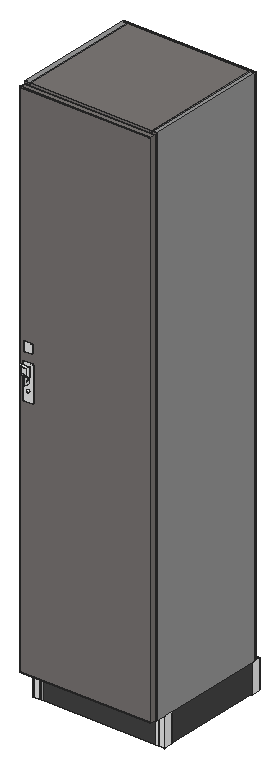
Revit family "Wood_Lockers_Hasps-Salsbury_Industries-18_41000_Series-1_Wide_Units.rfa", category Specialty Equipment, Revit 2016 (continued)
Definition of nested family "Premier Locker Doors_Hasp"
  Forms (in)
    Sweep 4, solid, material <- "Door Trim"
      path origin (0, 0, 0) x (1, 0, 0) y (0, 0, 1)
        loop
          line (8.8125, 71.625) -> (-8.8125, 71.625) -> (-8.8125, 0.125) -> (8.8125, 0.125) -> (8.8125, 71.625)
      profile origin (0, 0, 71.625) x (0, 0, -1) y (0, -1, 0)
        loop
          line (-0.125, 0.375) -> (-0.125, -0.375) -> (-0.094, -0.375) -> (-0.094, 0.375) -> (-0.125, 0.375)
    Extrusion 5, void
      sketch origin (-1.875, -0.313, 0) x (1, 0, 0) y (0, 0, 1)
        loop
          arc (-6.41334, 40.75) -> (-6.51881, 40.70631) -> (-6.5625, 40.60084) r 0.14916
          line (-6.5625, 40.60084) -> (-6.5625, 39.64916)
          arc (-6.5625, 39.64916) -> (-6.51881, 39.54369) -> (-6.41334, 39.5) r 0.14916
          line (-6.41334, 39.5) -> (-5.46166, 39.5)
          arc (-5.46166, 39.5) -> (-5.35619, 39.54369) -> (-5.3125, 39.64916) r 0.14916
          line (-5.3125, 39.64916) -> (-5.3125, 40.60084)
          arc (-5.3125, 40.60084) -> (-5.35619, 40.70631) -> (-5.46166, 40.75) r 0.14916
          line (-5.46166, 40.75) -> (-6.41334, 40.75)
      from 0 to 0.062
    Extrusion 6, solid, visible <- "Visible Number Plates", detail levels medium+fine
      sketch origin (-1.875, -0.375, 0) x (1, 0, 0) y (0, 0, 1)
        loop
          arc (-6.41334, 40.75) -> (-6.51881, 40.70631) -> (-6.5625, 40.60084) r 0.14916
          line (-6.5625, 40.60084) -> (-6.5625, 39.64916)
          arc (-6.5625, 39.64916) -> (-6.51881, 39.54369) -> (-6.41334, 39.5) r 0.14916
          line (-6.41334, 39.5) -> (-5.46166, 39.5)
          arc (-5.46166, 39.5) -> (-5.35619, 39.54369) -> (-5.3125, 39.64916) r 0.14916
          line (-5.3125, 39.64916) -> (-5.3125, 40.60084)
          arc (-5.3125, 40.60084) -> (-5.35619, 40.70631) -> (-5.46166, 40.75) r 0.14916
          line (-5.46166, 40.75) -> (-6.41334, 40.75)
      from -0.062 to 0
    Extrusion 7, solid, detail levels medium+fine
      sketch origin (0, 0.375, 0) x (1, 0, 0) y (0, 0, 1)
        loop
          circle (-8.4875, 71.3) r 0.25
      from 0 to -0.25
    Extrusion 8, solid, detail levels medium+fine
      sketch origin (0, 0.375, 0) x (1, 0, 0) y (0, 0, 1)
        loop
          line (8.3125, 68.5) -> (8.3125, 69) -> (7.8125, 69) -> (7.8125, 68.5) -> (8.3125, 68.5)
      from 0 to -0.25
    Extrusion 9, solid, detail levels medium+fine
      sketch origin (0, 0.375, -0.25) x (1, 0, 0) y (0, 0, 1)
        loop
          line (8.3125, 3) -> (8.3125, 3.5) -> (7.8125, 3.5) -> (7.8125, 3) -> (8.3125, 3)
      from 0 to -0.25
    Extrusion 10, solid, visible <- "Visible Center Hinge", detail levels medium+fine
      sketch origin (0, 0.375, -0.25) x (1, 0, 0) y (0, 0, 1)
        loop
          line (8.3125, 35.875) -> (8.3125, 36.375) -> (7.8125, 36.375) -> (7.8125, 35.875) -> (8.3125, 35.875)
      from 0 to -0.25
    Extrusion 11, void
      sketch origin (-1.875, -0.375, 0) x (1, 0, 0) y (0, 0, 1)
        loop
          arc (-6.5625, 38.3125) -> (-6.65089, 38.27589) -> (-6.6875, 38.1875) r 0.125
          line (-6.6875, 38.1875) -> (-6.6875, 33.5625)
          arc (-6.6875, 33.5625) -> (-6.65089, 33.47411) -> (-6.5625, 33.4375) r 0.125
          line (-6.5625, 33.4375) -> (-5.3125, 33.4375)
          arc (-5.3125, 33.4375) -> (-5.22411, 33.47411) -> (-5.1875, 33.5625) r 0.125
          line (-5.1875, 33.5625) -> (-5.1875, 38.1875)
          arc (-5.1875, 38.1875) -> (-5.22411, 38.27589) -> (-5.3125, 38.3125) r 0.125
          line (-5.3125, 38.3125) -> (-6.5625, 38.3125)
      from -0.062 to 0
    Extrusion 12, solid
      sketch origin (-1.875, -0.375, 0) x (1, 0, 0) y (0, 0, 1)
        loop
          line (-5.3125, 38.3125) -> (-6.5625, 38.3125)
          arc (-6.5625, 38.3125) -> (-6.65089, 38.27589) -> (-6.6875, 38.1875) r 0.125
          line (-6.6875, 38.1875) -> (-6.6875, 33.5625)
          arc (-6.6875, 33.5625) -> (-6.65089, 33.47411) -> (-6.5625, 33.4375) r 0.125
          line (-6.5625, 33.4375) -> (-5.3125, 33.4375)
          arc (-5.3125, 33.4375) -> (-5.22411, 33.47411) -> (-5.1875, 33.5625) r 0.125
          line (-5.1875, 33.5625) -> (-5.1875, 38.1875)
          arc (-5.1875, 38.1875) -> (-5.22411, 38.27589) -> (-5.3125, 38.3125) r 0.125
      from 0 to -0.062
    Extrusion 13, void
      sketch origin (-1.875, -0.375, 0) x (1, 0, 0) y (0, 0, 1)
        loop
          line (-6.1255, 36.6245) -> (-6.1255, 35.74816)
          arc (-6.1255, 35.74816) -> (-5.9375, 35.56016) -> (-5.7495, 35.74816) r 0.188
          line (-5.7495, 35.74816) -> (-5.7495, 36.6245)
          arc (-5.7495, 36.6245) -> (-5.9375, 36.8125) -> (-6.1255, 36.6245) r 0.188
      from 0 to -0.75
    Sweep 14, solid, detail levels medium+fine
      path origin (-1.875, -0.375, 0) x (1, 0, 0) y (0, 0, 1)
        loop
          circle (-5.9375, 34.8125) r 0.01
      profile origin (-7.8125, -0.375, 34.8225) x (0, 0, -1) y (0, -1, 0)
        loop
          line (0, 0) -> (0, 0.125)
          arc (0, 0.125) -> (-0.10032, 0.09036) -> (-0.156, 0) r 0.15776
          line (-0.156, 0) -> (0, 0)
    Extrusion 15, solid, detail levels medium+fine
      sketch origin (-1.875, -0.375, 0) x (1, 0, 0) y (0, 0, 1)
        loop
          circle (-5.9375, 34.8125) r 0.01
      from 0 to 0.125
    Sweep 16, solid
      path origin (-1.875, -0.375, 0) x (1, 0, 0) y (0, 0, 1)
        loop
          line (-6.5625, 38.1875) -> (-6.5625, 36.9375) -> (-5.3125, 36.9375) -> (-5.3125, 38.1875) -> (-6.5625, 38.1875)
      profile origin (-7.8125, -0.375, 38.1875) x (0, 0, 1) y (0, -1, 0)
        loop
          line (-0.38067, 0) -> (-0.38067, 0.24142)
          arc (-0.38067, 0.24142) -> (-0.34525, 0.34191) -> (-0.25465, 0.39797) r 0.16024
          arc (-0.25465, 0.39797) -> (-0.10494, 0.46941) -> (0, 0.59789) r 0.37946
          spline (0, 0.59789) -> (-0.00179, 0.61485) -> (-0.00715, 0.6316) -> (-0.01601, 0.64793) -> (-0.02825, 0.66364) -> (-0.04373, 0.67852) -> (-0.06225, 0.6924) -> (-0.08358, 0.7051) -> (-0.10745, 0.71647) -> (-0.13357, 0.72635) -> (-0.16161, 0.73463) -> (-0.19123, 0.74121) -> (-0.22204, 0.746)
          arc (-0.22204, 0.746) -> (-0.31051, 0.60028) -> (-0.42829, 0.47704) r 0.78682
          arc (-0.42829, 0.47704) -> (-0.50625, 0.37521) -> (-0.53396, 0.25) r 0.29673
          line (-0.53396, 0.25) -> (-0.53396, 0) -> (-0.38067, 0)
    Blend 17, solid
      base sketch origin (-1.875, -1.125, 0) x (0, 0, -1) y (-1, 0, 0)
        loop
          line (-37.96546, 6.34046) -> (-37.96546, 5.53454) -> (-37.15954, 5.53454) -> (-37.15954, 6.34046) -> (-37.96546, 6.34046)
      top sketch origin (-1.875, -1.125, 0) x (0, 0, -1) y (-1, 0, 0)
        loop
          line (-37.93279, 6.30777) -> (-37.93279, 5.56715) -> (-37.19211, 5.56715) -> (-37.19211, 6.30777) -> (-37.93279, 6.30777)
      from 0 to 0.031
    Extrusion 18, solid
      sketch origin (-7.8125, 0, 0) x (0, 0, -1) y (0, -1, 0)
        loop
          line (-35.6844, 1) -> (-36.6844, 1) -> (-36.6844, -0.375) -> (-35.6844, -0.375) -> (-35.6844, 1)
      from -0.063 to 0.063
    Extrusion 19, void
      sketch origin (-7.8125, 35.51803, 36.85077) x (0, 1, 0) y (0, 0, -1)
        loop
          circle (-36.1844, 0.66637) r 0.25
      from -0.063 to 0.063
  Cuts and joins
    Extrusion 5, Extrusion 13 cuts Extrusion 1
    Extrusion 5, Extrusion 11 cuts Extrusion 3
    Extrusion 13 cuts Extrusion 12
    Extrusion 13 cuts Extrusion 2
    Extrusion 19 cuts Extrusion 18
  Lines and regions (in)
    symbolic lines
      curve 1: line (-8.9375, 0.375, 0) -> (8.9375, 0.375, 0)
      curve 2: line (8.9375, 0.375, 0) -> (8.9375, 0.375, 71.75)
      curve 3: line (8.9375, 0.375, 71.75) -> (-8.9375, 0.375, 71.75)
      curve 4: line (-8.9375, 0.375, 71.75) -> (-8.9375, 0.375, 0)
      curve 5: line (-8.9375, 0.375, 71.625) -> (8.9375, 0.375, 71.625)
      curve 6: line (-8.9375, -0.375, 71.625) -> (-8.9375, 0.375, 71.625)
      curve 7: line (8.9375, -0.375, 71.625) -> (-8.9375, -0.375, 71.625)
      curve 8: line (8.9375, 0.375, 71.625) -> (8.9375, -0.375, 71.625)
      curve 9: line (8.3125, 0.375, 71.625) -> (8.3125, 0.625, 71.625)
      curve 10: line (8.3125, 0.625, 71.625) -> (7.8125, 0.625, 71.625)
      curve 11: line (7.8125, 0.625, 71.625) -> (7.8125, 0.375, 71.625)
      curve 12: line (-8.73713, 0.375, 71.625) -> (-8.73713, 0.625, 71.625)
      curve 13: line (-8.2375, 0.375, 71.625) -> (-8.2375, 0.625, 71.625)
      curve 14: line (-8.2375, 0.625, 71.625) -> (-8.73713, 0.625, 71.625)
      curve 15: line (-7.8125, -0.375, 71.75) -> (-7.8125, 0.375, 71.75)
      curve 16: line (-7.8125, -0.375, 0) -> (-7.8125, -0.375, 71.75)
      curve 17: line (-7.8125, 0.375, 0) -> (-7.8125, -0.375, 0)
      curve 18: line (-7.8125, 0.375, 71.75) -> (-7.8125, 0.375, 0)
      curve 19: line (-7.8125, 0.375, 69) -> (-7.8125, 0.625, 69)
      curve 20: line (-7.8125, 0.625, 69) -> (-7.8125, 0.625, 68.5)
      curve 21: line (-7.8125, 0.625, 68.5) -> (-7.8125, 0.375, 68.5)
      curve 22: line (-7.8125, 0.375, 3.25) -> (-7.8125, 0.625, 3.25)
      curve 23: line (-7.8125, 0.625, 3.25) -> (-7.8125, 0.625, 2.75)
      curve 24: line (-7.8125, 0.625, 2.75) -> (-7.8125, 0.375, 2.75)
      curve 25: line (-7.8125, 0.375, 36.125) -> (-7.8125, 0.625, 36.125)
      curve 26: line (-7.8125, 0.625, 36.125) -> (-7.8125, 0.625, 35.625)
      curve 27: line (-7.8125, 0.625, 35.625) -> (-7.8125, 0.375, 35.625)
      curve 28: line (-8.5625, -0.375, 71.625) -> (-7.0625, -0.375, 71.625)
      curve 29: line (-8.4375, -1.125, 38.3125) -> (-7.1875, -1.125, 38.3125)
      curve 30: arc (-7.0625, -1.125, 38.1875) -> (-7.09911, -1.125, 38.27589) -> (-7.1875, -1.125, 38.3125) r 0.125
      curve 31: arc (-8.4375, -1.125, 38.3125) -> (-8.52589, -1.125, 38.27589) -> (-8.5625, -1.125, 38.1875) r 0.125
      curve 32: line (-8.5625, -1.125, 33.5625) -> (-8.5625, -1.125, 38.1875)
      curve 33: line (-7.0625, -1.125, 38.1875) -> (-7.0625, -1.125, 33.5625)
      curve 34: arc (-7.1875, -1.125, 33.4375) -> (-7.09911, -1.125, 33.47411) -> (-7.0625, -1.125, 33.5625) r 0.125
      curve 35: arc (-8.5625, -1.125, 33.5625) -> (-8.52589, -1.125, 33.47411) -> (-8.4375, -1.125, 33.4375) r 0.125
      curve 36: line (-7.1875, -1.125, 33.4375) -> (-8.4375, -1.125, 33.4375)
      curve 37: arc (-7.6245, -1.125, 36.6245) -> (-7.8125, -1.125, 36.8125) -> (-8.0005, -1.125, 36.6245) r 0.188
      curve 38: arc (-8.0005, -1.125, 35.7505) -> (-7.8125, -1.125, 35.5625) -> (-7.6245, -1.125, 35.7505) r 0.188
      curve 39: line (-7.6245, -1.125, 36.6245) -> (-7.6245, -1.125, 35.7505)
      curve 40: line (-8.0005, -1.125, 35.7505) -> (-8.0005, -1.125, 36.6245)
      curve 41: line (-7.1875, -1.125, 36.9375) -> (-8.4375, -1.125, 36.9375)
      curve 42: line (-7.1875, -1.125, 38.1875) -> (-7.1875, -1.125, 36.9375)
      curve 43: line (-8.4375, -1.125, 36.9375) -> (-8.4375, -1.125, 38.1875)
      curve 44: line (-8.4375, -1.125, 38.1875) -> (-7.1875, -1.125, 38.1875)
      curve 45: line (-7.8755, -1.125, 36.6844) -> (-7.7495, -1.125, 36.6844)
      curve 46: line (-7.7495, -1.125, 36.6844) -> (-7.7495, -1.125, 35.6844)
      curve 47: line (-7.8755, -1.125, 35.6844) -> (-7.8755, -1.125, 36.6844)
      curve 48: line (-7.7495, -1.125, 35.6844) -> (-7.8755, -1.125, 35.6844)
      curve 49: line (-7.8125, -1, 36.6844) -> (-7.8125, -0.375, 36.6844)
      curve 50: line (-7.8125, -1, 35.6844) -> (-7.8125, -1, 36.6844)
      curve 51: line (-7.8125, -0.375, 35.6844) -> (-7.8125, -1, 35.6844)
      curve 52: arc (-7.8125, -0.91637, 36.1844) -> (-7.8125, -0.66637, 36.4344) -> (-7.8125, -0.41637, 36.1844) r 0.25
      curve 53: arc (-7.8125, -0.41637, 36.1844) -> (-7.8125, -0.66637, 35.9344) -> (-7.8125, -0.91637, 36.1844) r 0.25
      curve 54: line (-7.8125, -0.375, 37.31817) -> (-7.8125, -0.61642, 37.31817)
      curve 55: arc (-7.8125, -0.77297, 37.19215) -> (-7.8125, -0.71691, 37.28275) -> (-7.8125, -0.61642, 37.31817) r 0.16024
      curve 56: arc (-7.8125, -0.97289, 36.9375) -> (-7.8125, -0.84441, 37.04244) -> (-7.8125, -0.77297, 37.19215) r 0.37946
      curve 57: spline (-7.8125, -1.121, 37.15954) -> (-7.8125, -1.11621, 37.12873) -> (-7.8125, -1.10963, 37.09911) -> (-7.8125, -1.10135, 37.07107) -> (-7.8125, -1.09147, 37.04495) -> (-7.8125, -1.0801, 37.02108) -> (-7.8125, -1.0674, 36.99975) -> (-7.8125, -1.05352, 36.98123) -> (-7.8125, -1.03864, 36.96575) -> (-7.8125, -1.02293, 36.95351) -> (-7.8125, -1.0066, 36.94465) -> (-7.8125, -0.98985, 36.93929) -> (-7.8125, -0.97289, 36.9375)
      curve 58: line (-7.8125, -1.125, 37.15954) -> (-7.8125, -1.125, 37.96546)
      curve 59: spline (-7.8125, -1.121, 37.96546) -> (-7.8125, -1.11621, 37.99627) -> (-7.8125, -1.10963, 38.02589) -> (-7.8125, -1.10135, 38.05393) -> (-7.8125, -1.09147, 38.08005) -> (-7.8125, -1.0801, 38.10392) -> (-7.8125, -1.0674, 38.12525) -> (-7.8125, -1.05352, 38.14377) -> (-7.8125, -1.03864, 38.15925) -> (-7.8125, -1.02293, 38.17149) -> (-7.8125, -1.0066, 38.18035) -> (-7.8125, -0.98985, 38.18571) -> (-7.8125, -0.97289, 38.1875)
      curve 60: arc (-7.8125, -0.97289, 38.1875) -> (-7.8125, -0.84441, 38.08256) -> (-7.8125, -0.77297, 37.93285) r 0.37946
      curve 61: arc (-7.8125, -0.77297, 37.93285) -> (-7.8125, -0.71691, 37.84225) -> (-7.8125, -0.61642, 37.80683) r 0.16024
      curve 62: line (-7.8125, -0.61642, 37.80683) -> (-7.8125, -0.375, 37.80683)
      curve 63: line (-8.05683, -0.61642, 71.625) -> (-8.05683, -0.375, 71.625)
      curve 64: arc (-8.18285, -0.77297, 71.625) -> (-8.09225, -0.71691, 71.625) -> (-8.05683, -0.61642, 71.625) r 0.16024
      curve 65: arc (-8.4375, -0.97289, 71.625) -> (-8.33256, -0.84441, 71.625) -> (-8.18285, -0.77297, 71.625) r 0.37946
      curve 66: line (-7.40954, -1.125, 71.625) -> (-8.21546, -1.125, 71.625)
      curve 67: spline (-7.40954, -1.121, 71.625) -> (-7.37873, -1.11621, 71.625) -> (-7.34911, -1.10963, 71.625) -> (-7.32107, -1.10135, 71.625) -> (-7.29495, -1.09147, 71.625) -> (-7.27108, -1.0801, 71.625) -> (-7.24975, -1.0674, 71.625) -> (-7.23123, -1.05352, 71.625) -> (-7.21575, -1.03864, 71.625) -> (-7.20351, -1.02293, 71.625) -> (-7.19465, -1.0066, 71.625) -> (-7.18929, -0.98985, 71.625) -> (-7.1875, -0.97289, 71.625)
      curve 68: arc (-7.1875, -0.97289, 71.625) -> (-7.29244, -0.84441, 71.625) -> (-7.44215, -0.77297, 71.625) r 0.37946
      curve 69: arc (-7.44215, -0.77297, 71.625) -> (-7.53275, -0.71691, 71.625) -> (-7.56817, -0.61642, 71.625) r 0.16024
      curve 70: line (-7.56817, -0.375, 71.625) -> (-7.56817, -0.61642, 71.625)
      curve 71: spline (-8.21546, -1.121, 71.625) -> (-8.24627, -1.11621, 71.625) -> (-8.27589, -1.10963, 71.625) -> (-8.30393, -1.10135, 71.625) -> (-8.33005, -1.09147, 71.625) -> (-8.35392, -1.0801, 71.625) -> (-8.37525, -1.0674, 71.625) -> (-8.39377, -1.05352, 71.625) -> (-8.40925, -1.03864, 71.625) -> (-8.42149, -1.02293, 71.625) -> (-8.43035, -1.0066, 71.625) -> (-8.43571, -0.98985, 71.625) -> (-8.4375, -0.97289, 71.625)
    reference lines
      curve 72: line (-8.9375, 0, 71.75) -> (8.3435, 0, 71.75)
      curve 73: line (8.3435, 0, 71.75) -> (-8.9375, 0, 71.75)
  Dimensions and locks (in)
    equal spacing: plane 4 "Left Side of Door", plane 3 "Center (Left/Right)", plane 5 "Right Side of Door"
    "Width": plane 4 "Left Side of Door" to plane 5 "Right Side of Door"
    equal spacing: plane 7 "Front of Door", plane 1 "Center (Front/Back)", plane 6 "Back of Door"
    "Depth": plane 7 "Front of Door" to plane 6 "Back of Door"
    equal spacing: plane 9 "Top of Door", plane 10 "Center of Door", plane 8 "Bottom of Door"
    "Height": plane 9 "Top of Door" to plane 8 "Bottom of Door"
    equal spacing: plane 11 "Top of Number Tag", plane 16 "Center of Number Tag", plane 12 "Bottom of Number Tag"
    "Number Tag Height": plane 11 "Top of Number Tag" to plane 12 "Bottom of Number Tag"
    equal spacing: plane 14 "Right Side of Number Tag", plane 15 "Horizontal Center of Number Tag", plane 13 "Left Side of Number Tag"
    "Number Tag Width": plane 14 "Right Side of Number Tag" to plane 13 "Left Side of Number Tag"
    "Number Tag-Horizontal Offset": plane 15 "Horizontal Center of Number Tag" to plane 5 "Right Side of Door"
    "Number Tag-Vertical Offset": plane 9 "Top of Door" to plane 16 "Center of Number Tag"
    "Lock Horizontal Offset": plane 4 "Left Side of Door" to plane 17 "Left Side of Lock"
    equal spacing: plane 20 "Top of Lock", plane 19 "Lock Vertical Center", plane 21 "Bottom of Lock"
    "Lock Height": plane 20 "Top of Lock" to plane 21 "Bottom of Lock"
    "Lock Vertical Offset": plane 9 "Top of Door" to plane 19 "Lock Vertical Center"
    plane 22 "Front of Hasp Stud" to plane 7 "Front of Door" = 0.125"
    locked: plane 24 "Right Side of Door-Left Side of Trim" to plane 5 "Right Side of Door" at 0.125
    locked: plane 4 "Left Side of Door" to plane 23 "Left Side of Door-Right Side of Trim" at 0.125
    locked: plane 9 "Top of Door" to plane 25 "Top of Door-Bottom of Trim" at 0.125
    plane 26 "Bottom of Door-Top of Trim" to plane 8 "Bottom of Door" = 0.125"
    plane 28 "Melamine-Particleboard Line" to plane 6 "Back of Door" = 0.031"
    plane 7 "Front of Door" to plane 27 "Laminate-Particleboard Line" = 0.031"
    plane 27 "Laminate-Particleboard Line" to plane 29 "Back of Number Plate Inset" = 0.031"
    equal spacing: plane 18 "Right Side of Lock", plane 30 "Center of Lock", plane 17 "Left Side of Lock", locked at 0.75 each
    "Lock Width": plane 18 "Right Side of Lock" to plane 17 "Left Side of Lock"
    plane 22 "Front of Hasp Stud" to plane 31 = 0.312"
    plane 6 "Back of Door" to plane 32 "Door Stopper Plane" = 0.250"
    locked: plane 23 "Left Side of Door-Right Side of Trim" to plane 33 at 0.325
    locked: plane 25 "Top of Door-Bottom of Trim" to plane 34 at 0.325
    locked: plane 9 "Top of Door" to plane 35 "Top Hinge" at 3
    plane 36 to plane 5 "Right Side of Door" = 0.625"
    plane 6 "Back of Door" to plane 28 "Melamine-Particleboard Line" = 0.031"
    plane 9 "Top of Door" to plane 25 "Top of Door-Bottom of Trim" = 0.125"
    plane 7 "Front of Door" to plane 38 "Inner Knob" = 0.719"
    locked: plane 38 "Inner Knob" to plane 39 "Front of Knob" at 0.031
    locked: plane 40 to plane 20 "Top of Lock" at 1.125
    locked: plane 21 "Bottom of Lock" to plane 41 at 1.125
    locked: plane 20 "Top of Lock" to plane 42 at 0.125
    locked: plane 18 "Right Side of Lock" to plane 43 at 0.125
    locked: plane 44 to plane 17 "Left Side of Lock" at 0.125
    plane 42 to plane 45 = 1.250"
    locked: plane 45 to plane 46 "Top of Hole" at 0.125
    plane 48 to plane 30 "Center of Lock" to plane 47 = 0.188" locked, 0.188" locked
    locked: plane 46 "Top of Hole" to plane 49 "Bottom of Hole" at 1.25
    plane 49 "Bottom of Hole" to plane 50 "Stud Alignment" = 0.750"
    locked: plane 42 to plane 51 "Center of Handle" at 0.625
    plane 52 to plane 51 "Center of Handle" to plane 53 = 0.188" locked, 0.188" locked
    plane 7 "Front of Door" to plane 39 "Front of Knob" = 0.750"
    locked: plane 42 to plane 54 at 0.22204
    locked: plane 55 to plane 45 at 0.22204
    locked: plane 7 "Front of Door" to plane 56 "Front of Latch" at 0.625
    locked: plane 57 to plane 58 at 1
    locked: plane 46 "Top of Hole" to plane 57 at 0.1281
    equal spacing: plane 58, plane 59, plane 57
    locked: plane 60 to plane 5 "Right Side of Door" at 0.594
    locked: plane 57 to plane 61 at 0.0599
    locked: plane 62 to plane 58 at 0.06376
    plane 12 "Bottom of Number Tag" to plane 20 "Top of Lock" = 1.1875"
    aligned and locked: level to plane 2
    aligned and locked: Extrusion 5 to plane 11 "Top of Number Tag"
    aligned and locked: plane 12 "Bottom of Number Tag" to Extrusion 5
    aligned and locked: Extrusion 5 to plane 14 "Right Side of Number Tag"
    aligned and locked: Extrusion 5 to plane 13 "Left Side of Number Tag"
    aligned and locked: plane 29 "Back of Number Plate Inset" to Extrusion 5
    aligned and locked: plane 7 "Front of Door" to Extrusion 5
    aligned and locked: plane 29 "Back of Number Plate Inset" to Extrusion 6
    aligned and locked: plane 7 "Front of Door" to Extrusion 6
    aligned and locked: Extrusion 6 to plane 14 "Right Side of Number Tag"
    aligned and locked: Extrusion 6 to plane 13 "Left Side of Number Tag"
    aligned and locked: Extrusion 6 to plane 11 "Top of Number Tag"
    aligned and locked: plane 12 "Bottom of Number Tag" to Extrusion 6
    aligned and locked: curve 9 to Extrusion 8
    aligned and locked: curve 10 to Extrusion 8
    aligned and locked: curve 11 to Extrusion 8
    aligned and locked: Extrusion 7 to curve 12
    aligned and locked: curve 14 to Extrusion 7
    aligned and locked: curve 16 to plane 7 "Front of Door"
    aligned and locked: curve 19 to Extrusion 8  (x2)
    aligned and locked: curve 21 to Extrusion 8
    aligned and locked: curve 18 to curve 22
    aligned and locked: curve 22 to Extrusion 9  (x2)
    aligned and locked: curve 24 to Extrusion 9
    aligned and locked: curve 25 to Extrusion 10
    aligned and locked: curve 26 to Extrusion 10
    aligned and locked: curve 27 to Extrusion 10
    aligned and locked: plane 20 "Top of Lock" to Extrusion 11 sketch curve
    aligned and locked: Extrusion 11 sketch curve to plane 21 "Bottom of Lock"
    aligned and locked: Extrusion 11 to plane 29 "Back of Number Plate Inset"
    aligned and locked: plane 7 "Front of Door" to Extrusion 11
    aligned and locked: Extrusion 3 to Extrusion 11
    aligned and locked: Sweep 14 to plane 50 "Stud Alignment"  (x2)
    aligned and locked: Extrusion 15 to plane 7 "Front of Door"
    aligned and locked: Extrusion 15 to plane 22 "Front of Hasp Stud"
    aligned and locked: Extrusion 15 to plane 50 "Stud Alignment"
    aligned and locked: Blend 17 to plane 39 "Front of Knob"
    aligned and locked: plane 38 "Inner Knob" to Blend 17
    aligned and locked: plane 6 "Back of Door" to Extrusion 18 sketch curve
    aligned and locked: plane 56 "Front of Latch" to Extrusion 18 sketch curve
    aligned and locked: Extrusion 18 to plane 57
    aligned and locked: plane 58 to Extrusion 18
    aligned and locked: plane 59 to cut or joined group of Extrusion 18, Extrusion 19
    aligned and locked: Extrusion 13 sketch curve to plane 61  (x2)
    aligned and locked: Extrusion 13 sketch curve to plane 62  (x2)
  Automatic sketch dimensions
    Extrusion 1 sketch curve to plane 4 "Left Side of Door" = 0.031"
    plane 5 "Right Side of Door" to Extrusion 1 sketch curve = 0.031"
    level to Extrusion 1 sketch curve = 0.031"
    plane 9 "Top of Door" to Extrusion 1 sketch curve = 0.031"
    Extrusion 2 sketch curve to plane 4 "Left Side of Door" = 0.031"
    plane 5 "Right Side of Door" to Extrusion 2 sketch curve = 0.031"
    level to Extrusion 2 sketch curve = 0.031"
    plane 9 "Top of Door" to Extrusion 2 sketch curve = 0.031"
    Extrusion 3 sketch curve to plane 4 "Left Side of Door" = 0.031"
    plane 5 "Right Side of Door" to Extrusion 3 sketch curve = 0.031"
    level to Extrusion 3 sketch curve = 0.031"
    plane 9 "Top of Door" to Extrusion 3 sketch curve = 0.031"
    plane 23 "Left Side of Door-Right Side of Trim" to Sweep 4 sketch curve = 0.000"
    plane 24 "Right Side of Door-Left Side of Trim" to Sweep 4 sketch curve = 0.000"  (x2)
    Sweep 4 sketch curve to plane 26 "Bottom of Door-Top of Trim" = 0.000"
    Sweep 4 sketch curve to plane 25 "Top of Door-Bottom of Trim" = 0.000"
    profile plane to Sweep 4 sketch curve = 0.125"
    Sweep 4 sketch curve to Sweep 4 sketch curve = 0.031"
    Sweep 4 sketch curve to plane 1 "Center (Front/Back)" = 0.375"
    plane 1 "Center (Front/Back)" to Sweep 4 sketch curve = 0.375"
    Extrusion 7 sketch curve to plane 33 = 0.000"
    Extrusion 7 sketch curve to plane 34 = 0.000"
    plane 36 to Extrusion 8 sketch curve = 0.000"
    Extrusion 8 sketch curve to Extrusion 8 sketch curve = 0.500"
    plane 35 "Top Hinge" to Extrusion 8 sketch curve = 0.250"
    Extrusion 8 sketch curve to plane 35 "Top Hinge" = 0.250"
    plane 36 to Extrusion 9 sketch curve = 0.000"
    Extrusion 9 sketch curve to Extrusion 9 sketch curve = 0.500"
    plane 37 "Bottom Hinge" to Extrusion 9 sketch curve = 0.250"
    Extrusion 9 sketch curve to plane 37 "Bottom Hinge" = 0.250"
    plane 36 to Extrusion 10 sketch curve = 0.000"
    Extrusion 10 sketch curve to Extrusion 10 sketch curve = 0.500"
    curve 4 to level = 0.000"
    plane 4 "Left Side of Door" to curve 4 = 0.000"
    plane 5 "Right Side of Door" to curve 3 = 0.000"
    curve 3 to plane 9 "Top of Door" = 0.000"
    Extrusion 5 sketch curve to plane 13 "Left Side of Number Tag" = 0.000"
    Extrusion 5 sketch curve to plane 12 "Bottom of Number Tag" = 0.000"
    Extrusion 5 sketch curve to plane 11 "Top of Number Tag" = 0.000"
    Extrusion 5 sketch curve to plane 14 "Right Side of Number Tag" = 0.000"
    Extrusion 6 sketch curve to plane 13 "Left Side of Number Tag" = 0.000"
    Extrusion 6 sketch curve to plane 12 "Bottom of Number Tag" = 0.000"
    Extrusion 6 sketch curve to plane 11 "Top of Number Tag" = 0.000"
    Extrusion 6 sketch curve to plane 14 "Right Side of Number Tag" = 0.000"
    Extrusion 11 sketch curve to plane 13 "Left Side of Number Tag" = 0.125"
    Extrusion 10 sketch curve to plane 10 "Center of Door" = 0.250"
    plane 10 "Center of Door" to Extrusion 10 sketch curve = 0.250"
    Extrusion 11 sketch curve to plane 21 "Bottom of Lock" = 0.125"
    plane 13 "Left Side of Number Tag" to Extrusion 5 sketch curve = 0.14916"
    Extrusion 5 sketch curve to Extrusion 5 sketch curve = 0.14916"  (x2)
    plane 13 "Left Side of Number Tag" to Extrusion 6 sketch curve = 0.14916"
    Extrusion 6 sketch curve to plane 12 "Bottom of Number Tag" = 0.14916"
    plane 13 "Left Side of Number Tag" to Extrusion 11 sketch curve = 0.000"  (x2)
    Extrusion 5 sketch curve to plane 12 "Bottom of Number Tag" = 0.14916"
    Extrusion 6 sketch curve to plane 14 "Right Side of Number Tag" = 0.14916"  (x2)
    plane 14 "Right Side of Number Tag" to Extrusion 11 sketch curve = 0.000"  (x2)
    Extrusion 12 sketch curve to plane 17 "Left Side of Lock" = 0.000"
    plane 13 "Left Side of Number Tag" to Extrusion 12 sketch curve = 0.000"  (x2)
    plane 14 "Right Side of Number Tag" to Extrusion 12 sketch curve = 0.000"  (x2)
    Extrusion 12 sketch curve to plane 20 "Top of Lock" = 0.000"
    Extrusion 12 sketch curve to plane 18 "Right Side of Lock" = 0.000"
    Extrusion 12 sketch curve to plane 21 "Bottom of Lock" = 0.125"
    plane 15 "Horizontal Center of Number Tag" to Sweep 14 sketch curve = 0.000"
    Sweep 14 sketch curve to plane 50 "Stud Alignment" = 0.000"
    Sweep 14 sketch curve to plane 7 "Front of Door" = 0.000"
    Sweep 14 sketch curve to profile plane = 0.000"
    profile plane to Sweep 14 sketch curve = 0.00168"
    profile plane to Sweep 14 sketch curve = 0.156"
    Sweep 14 sketch curve to plane 7 "Front of Door" = 0.03275"
    Extrusion 15 sketch curve to Extrusion 15 sketch curve = 0.000"  (x2)
    Extrusion 15 sketch curve to plane 50 "Stud Alignment" = 0.000"
    plane 15 "Horizontal Center of Number Tag" to Extrusion 15 sketch curve = 0.000"
    plane 15 "Horizontal Center of Number Tag" to Extrusion 15 sketch curve = 0.010"
    plane 13 "Left Side of Number Tag" to Sweep 16 sketch curve = 0.000"
    plane 14 "Right Side of Number Tag" to Sweep 16 sketch curve = 0.000"
    Sweep 16 sketch curve to plane 45 = 0.000"
    Sweep 16 sketch curve to plane 42 = 0.000"
    Sweep 16 sketch curve to plane 7 "Front of Door" = 0.000"
    profile plane to Sweep 16 sketch curve = 0.000"
    profile plane to Sweep 16 sketch curve = 0.22043"
    Sweep 16 sketch curve to Sweep 16 sketch curve = 0.01681"
    profile plane to Sweep 16 sketch curve = 0.33926"
    Sweep 16 sketch curve to Sweep 16 sketch curve = 0.14344"
    Sweep 16 sketch curve to Sweep 16 sketch curve = 0.15329"
    Sweep 16 sketch curve to Sweep 16 sketch curve = 0.59563"
    Sweep 16 sketch curve to Sweep 16 sketch curve = 0.24142"
    Sweep 16 sketch curve to Sweep 16 sketch curve = 0.00858"
    Sweep 16 sketch curve to Sweep 16 sketch curve = 0.51788"
    Sweep 16 sketch curve to Sweep 16 sketch curve = 0.31119"
    Sweep 16 sketch curve to Sweep 16 sketch curve = 0.11721"
    Sweep 16 sketch curve to Sweep 16 sketch curve = 0.01742"
    Sweep 16 sketch curve to Sweep 16 sketch curve = 0.06553"
    Sweep 16 sketch curve to Sweep 16 sketch curve = 0.000"
    Blend 17 sketch curve to plane 54 = 0.000"
    Blend 17 sketch curve to plane 55 = 0.000"
    Blend 17 sketch curve to plane 47 = 0.21496"
    plane 48 to Blend 17 sketch curve = 0.21496"
    plane 54 to Blend 17 sketch curve = 0.03267"
    Blend 17 sketch curve to plane 40 = 0.00461"
    Blend 17 sketch curve to plane 47 = 0.18235"
    plane 48 to Blend 17 sketch curve = 0.18227"
    Extrusion 18 sketch curve to plane 57 = 0.000"
    Extrusion 18 sketch curve to plane 58 = 0.000"
    plane 59 to Extrusion 19 sketch curve = 0.000"
    Extrusion 19 sketch curve to plane 22 "Front of Hasp Stud" = 0.16637"
    curve 29 to plane 14 "Right Side of Number Tag" = 0.000"
    curve 29 to plane 20 "Top of Lock" = 0.000"
    curve 30 to plane 18 "Right Side of Lock" = 0.000"
    curve 29 to plane 13 "Left Side of Number Tag" = 0.000"
    curve 31 to plane 42 = 0.000"
    curve 32 to plane 21 "Bottom of Lock" = 0.125"
    curve 34 to plane 14 "Right Side of Number Tag" = 0.000"
    curve 35 to plane 13 "Left Side of Number Tag" = 0.000"
    plane 15 "Horizontal Center of Number Tag" to curve 37 = 0.000"
    plane 47 to curve 37 = 0.000"
    plane 57 to curve 37 = 0.0599"
    curve 39 to plane 58 = 0.0661"
    curve 42 to plane 14 "Right Side of Number Tag" = 0.000"
    curve 41 to plane 13 "Left Side of Number Tag" = 0.000"
    curve 41 to plane 45 = 0.000"
    curve 43 to plane 42 = 0.000"
    curve 46 to plane 57 = 0.000"
    curve 46 to plane 15 "Horizontal Center of Number Tag" = 0.063"
    plane 15 "Horizontal Center of Number Tag" to curve 45 = 0.063"
    curve 47 to plane 58 = 0.000"
    curve 15 to plane 6 "Back of Door" = 0.000"
    plane 9 "Top of Door" to curve 15 = 0.000"
    plane 57 to curve 49 = 0.000"
    curve 51 to plane 56 "Front of Latch" = 0.000"
    plane 58 to curve 51 = 0.000"
    curve 17 to level = 0.000"
    plane 59 to curve 52 = 0.000"
    curve 53 to plane 22 "Front of Hasp Stud" = 0.16637"
    plane 7 "Front of Door" to curve 53 = 0.04137"
    plane 53 to curve 54 = 0.05633"
    curve 54 to plane 22 "Front of Hasp Stud" = 0.11642"
    plane 55 to curve 55 = 0.00161"
    curve 55 to plane 40 = 0.00465"
    plane 45 to curve 56 = 0.000"
    curve 56 to plane 39 "Front of Knob" = 0.01788"
    curve 56 to plane 40 = 0.08926"
    plane 55 to curve 57 = 0.000"
    curve 57 to plane 40 = 0.03757"
    plane 39 "Front of Knob" to curve 57 = 0.004"
    plane 42 to curve 60 = 0.000"
    curve 58 to plane 39 "Front of Knob" = 0.000"
    plane 54 to curve 58 = 0.000"
    plane 54 to curve 59 = 0.000"
    plane 55 to curve 58 = 0.000"
    curve 60 to plane 39 "Front of Knob" = 0.01788"
    curve 60 to plane 52 = 0.09774"
    plane 54 to curve 60 = 0.03261"
    plane 56 "Front of Latch" to curve 59 = 0.02711"
    plane 54 to curve 59 = 0.06553"
    plane 39 "Front of Knob" to curve 59 = 0.004"
    curve 61 to plane 54 = 0.00161"
    curve 61 to plane 22 "Front of Hasp Stud" = 0.11642"
    plane 6 "Back of Door" to curve 9 = 0.000"
    curve 6 to plane 4 "Left Side of Door" = 0.000"
    plane 7 "Front of Door" to curve 6 = 0.000"
    plane 7 "Front of Door" to curve 28 = 0.000"
    curve 67 to plane 14 "Right Side of Number Tag" = 0.000"
    curve 65 to plane 13 "Left Side of Number Tag" = 0.000"
    curve 66 to plane 39 "Front of Knob" = 0.000"
    curve 28 to plane 17 "Left Side of Lock" = 0.000"
    curve 28 to plane 18 "Right Side of Lock" = 0.000"
    curve 8 to plane 5 "Right Side of Door" = 0.000"
    curve 64 to plane 22 "Front of Hasp Stud" = 0.11642"
    curve 69 to plane 22 "Front of Hasp Stud" = 0.11642"
    curve 68 to plane 39 "Front of Knob" = 0.01788"
    curve 65 to plane 39 "Front of Knob" = 0.01788"
    curve 14 to plane 23 "Left Side of Door-Right Side of Trim" = 0.07537"
    plane 48 to curve 64 = 0.21657"
    plane 48 to curve 65 = 0.09774"
    plane 48 to curve 63 = 0.05633"
    curve 70 to plane 47 = 0.05633"
    curve 68 to plane 47 = 0.09774"
    curve 69 to curve 69 = 0.16024"
    curve 64 to curve 65 = 0.15655"
    curve 69 to curve 68 = 0.15655"
    plane 39 "Front of Knob" to curve 67 = 0.004"
    plane 33 to curve 14 = 0.250"
    curve 66 to curve 65 = 0.11721"
    curve 67 to plane 47 = 0.14943"
    curve 68 to curve 66 = 0.11721"
    curve 67 to curve 66 = 0.000"
    plane 39 "Front of Knob" to curve 71 = 0.004"
    curve 71 to curve 66 = 0.000"
    plane 48 to curve 71 = 0.14943"
    plane 1 "Center (Front/Back)" to curve 73 = 0.000"
    curve 73 to plane 4 "Left Side of Door" = 0.000"
    curve 73 to plane 60 = 0.000"
    plane 48 to Extrusion 13 sketch curve = 0.000"
    plane 15 "Horizontal Center of Number Tag" to Extrusion 13 sketch curve = 0.000"
    radius of Extrusion 7 sketch curve = 0.250"
    radius of Sweep 14 sketch curve = 0.010"
    radius of Extrusion 19 sketch curve = 0.250"
Definition of nested family "Wood Locker Flat Corner Fillers"
  Parameters (values of type "44437 - for 15" D Lockers")
    Width = 16.875"
    Visible = yes
    Version = "1.0 (12/15/23)"
    Type Comments = "Flat Top Corner Filler for Premier Wood Lockers"
    Model = "44437"
    Manufacturer = "Salsbury Industries"
    Laminate Surface = none
    Height = 0.750"
    Description = "For 15\" D Lockers"
    Depth = 16.875"
  Types (6): name | Width | Visible | Version | Type Comments | Model | Manufacturer | Description | Depth
    (no name) | 16.875" | yes | "1.0 (12/15/23)" | "Flat Top Corner Filler for Premier Wood Lockers" | "44437" | "Salsbury Industries" | "For 15\" D Lockers" | 16.875"
    44437 - for 15" D Lockers | 16.875" | yes | "1.0 (12/15/23)" | "Flat Top Corner Filler for Premier Wood Lockers" | "44437" | "Salsbury Industries" | "For 15\" D Lockers" | 16.875"
    None | 15.000" | no | "" | "" | "" | "" | "" | 13.250"
    44438 - for 18" D Lockers | 19.875" | yes | "1.0 (12/15/23)" | "Flat Top Corner Filler for Premier Wood Lockers" | "44438" | "Salsbury Industries" | "For 18\" D Lockers" | 19.875"
    44431 - for 21" D Lockers | 22.875" | yes | "1.0 (12/15/23)" | "Flat Top Corner Filler for Premier Wood Lockers" | "44431" | "Salsbury Industries" | "For 21\" D Lockers" | 22.875"
    44439 - for 24" D Lockers | 25.875" | yes | "1.0 (12/15/23)" | "Flat Top Corner Filler for Premier Wood Lockers" | "44439" | "Salsbury Industries" | "For 24\" D Lockers" | 25.875"
  Reference planes (in)
    plane 1 "Center (Front/Back)": y = 0
    plane 2: z = 0
    plane 3 "Center (Left/Right)": x = 0
    plane 4 "Right Side": x = 8.4375
    plane 5 "Left Side": x = -8.4375
    plane 6 "Front Side": y = -8.4375
    plane 7 "Back Side": y = 8.4375
    plane 8 "Bottom": z = 0
    plane 9 "Top Side": z = 0.75
    plane 10 "Wood - Laminate Line": z = 0.719
    plane 11: x = -5.4375
    plane 12: y = -5.4375
  Forms (in)
    Extrusion 1, solid, visible <- "Visible"
      sketch origin (0, 0, 0) x (0, -1, 0) y (1, 0, 0)
        loop
          line (-8.4375, -8.4375) -> (5.4375, -8.4375) -> (5.4375, -5.4375) -> (8.4375, -5.4375) -> (8.4375, 8.4375) -> (-8.4375, 8.4375) -> (-8.4375, -8.4375)
      from 0 to 0.719
    Extrusion 2, solid, material <- "Laminate Surface", visible <- "Visible"
      sketch origin (0, 0, 0.75) x (1, 0, 0) y (0, 1, 0)
        loop
          line (-8.4375, -5.4375) -> (-5.4375, -5.4375) -> (-5.4375, -8.4375) -> (8.4375, -8.4375) -> (8.4375, 8.4375) -> (-8.4375, 8.4375) -> (-8.4375, -5.4375)
      from -0.031 to 0
  Dimensions and locks (in)
    equal spacing: plane 6 "Front Side", plane 1 "Center (Front/Back)", plane 7 "Back Side"
    equal spacing: plane 5 "Left Side", plane 3 "Center (Left/Right)", plane 4 "Right Side"
    "Width": plane 5 "Left Side" to plane 4 "Right Side"
    "Depth": plane 6 "Front Side" to plane 7 "Back Side"
    "Height": plane 9 "Top Side" to plane 8 "Bottom"
    locked: plane 9 "Top Side" to plane 10 "Wood - Laminate Line" at 0.031
    locked: plane 6 "Front Side" to plane 12 at 3
    locked: plane 5 "Left Side" to plane 11 at 3
    plane 12 to plane 7 "Back Side" = 13.875"
    aligned and locked: level to plane 2
  Automatic sketch dimensions
    Extrusion 2 sketch curve to plane 5 "Left Side" = 0.000"
    plane 6 "Front Side" to Extrusion 2 sketch curve = 0.000"
    Extrusion 2 sketch curve to plane 11 = 0.000"
    Extrusion 2 sketch curve to plane 4 "Right Side" = 0.000"
    Extrusion 2 sketch curve to plane 12 = 0.000"
    plane 7 "Back Side" to Extrusion 2 sketch curve = 0.000"
    Extrusion 1 sketch curve to plane 5 "Left Side" = 0.000"
    plane 7 "Back Side" to Extrusion 1 sketch curve = 0.000"
    Extrusion 1 sketch curve to plane 12 = 0.000"
    Extrusion 1 sketch curve to plane 4 "Right Side" = 0.000"
    plane 6 "Front Side" to Extrusion 1 sketch curve = 0.000"
    Extrusion 1 sketch curve to plane 11 = 0.000"
Definition of nested family "Wood Locker Front Fillers"
  Parameters (values of type "44467 - 15" W for 6'H Lockers without Base")
    Width = 15.000"
    Visible Base = no
    Visible = yes
    Version = "1.0 (12/15/23)"
    Type Comments = "Front Vertical Filler for Premier Wood Lockers"
    Model = "44467"
    Manufacturer = "Salsbury Industries"
    Laminate Surface = none
    Height = 72.000"
    Description = "For 6' H Lockers"
    Depth = 0.750"
    Base Material = none
    Base Height = 0.000"
  Types (3): name | Width | Visible | Version | Type Comments | Model | Manufacturer | Description | Base Height
    None | 15.000" | no | "" | "" | "" | "" | "" | 4.000"
    44467 - 15" W for 6'H Lockers without Base | 15.000" | yes | "1.0 (12/15/23)" | "Front Vertical Filler for Premier Wood Lockers" | "44467" | "Salsbury Industries" | "For 6' H Lockers" | 0.000"
    44469 - 9" W for 6' H Lockers without Base | 9.000" | yes | "1.0 (12/15/23)" | "Front Vertical Filler for Premier Wood Lockers" | "44469" | "Salsbury Industries" | "For 6' H Lockers" | 0.000"
  Reference planes (in)
    plane 1 "Center (Front/Back)": y = 0
    plane 2: z = 0
    plane 3 "Center (Left/Right)": x = 0
    plane 4 "Back": y = 0.375
    plane 5 "Front": y = -0.375
    plane 6 "Left Side": x = -7.5
    plane 7 "Right Side": x = 7.5
    plane 8 "Bottom": z = 0
    plane 9 "Top": z = 72
    plane 10 "Center Elevation": z = 36
    plane 11 "Wood - Laminate Edge": y = -0.344
    plane 12 "Right Side of Wood": x = 7.375
    plane 13 "Left Side of Wood": x = -7.375
    plane 14 "Top of Wood": z = 71.875
    plane 15 "Bottom of Wood": z = 0.125
    plane 16 "Front of Base Filler": y = 1
  Forms (in)
    Extrusion 1, solid, visible <- "Visible"
      sketch origin (0, 0.375, 0) x (1, 0, 0) y (0, 0, 1)
        loop
          line (7.5, 72) -> (-7.5, 72) -> (-7.5, 0) -> (7.5, 0) -> (7.5, 72)
      from 0 to 0.719
    Extrusion 2, solid, material <- "Laminate Surface", visible <- "Visible"
      sketch origin (0, -0.375, 0) x (1, 0, 0) y (0, 0, 1)
        loop
          line (-7.5, 72) -> (-7.5, 0) -> (7.5, 0) -> (7.5, 72) -> (-7.5, 72)
      from -0.031 to 0
    Extrusion 3, solid, material <- "Base Material", visible <- "Visible Base"
      sketch origin (0, 0, 0) x (1, 0, 0) y (0, 1, 0)
        loop
          line (-7.5, 1.75) -> (-7.5, 0.375) -> (7.5, 0.375) -> (7.5, 1.75) -> (-7.5, 1.75)
      from 0 to 0.75
    Extrusion 4, solid, material <- "Base Material", visible <- "Visible Base"
      sketch origin (0, 0, 0) x (1, 0, 0) y (0, 1, 0)
        loop
          line (-7.5, 1.75) -> (-7.5, 1) -> (7.5, 1) -> (7.5, 1.75) -> (-7.5, 1.75)
      from 0 to -4
  Dimensions and locks (in)
    equal spacing: plane 6 "Left Side", plane 3 "Center (Left/Right)", plane 7 "Right Side"
    plane 5 "Front" to plane 1 "Center (Front/Back)" to plane 4 "Back" = 0.375", 0.375"
    "Width": plane 6 "Left Side" to plane 7 "Right Side"
    "Depth": plane 5 "Front" to plane 4 "Back"
    equal spacing: plane 9 "Top", plane 10 "Center Elevation", plane 8 "Bottom"
    locked: plane 5 "Front" to plane 11 "Wood - Laminate Edge" at 0.031
    locked: plane 15 "Bottom of Wood" to plane 8 "Bottom" at 0.125
    locked: plane 12 "Right Side of Wood" to plane 7 "Right Side" at 0.125
    locked: plane 6 "Left Side" to plane 13 "Left Side of Wood" at 0.125
    locked: plane 9 "Top" to plane 14 "Top of Wood" at 0.125
    locked: plane 5 "Front" to plane 16 "Front of Base Filler" at 1.375
    "Base Height": plane 8 "Bottom" to plane 2
    "Height": plane 9 "Top" to plane 8 "Bottom"
    aligned and locked: level to plane 2
    aligned and locked: plane 8 "Bottom" to Extrusion 1
  Automatic sketch dimensions
    plane 6 "Left Side" to Extrusion 1 sketch curve = 0.000"
    plane 7 "Right Side" to Extrusion 1 sketch curve = 0.000"
    level to Extrusion 1 sketch curve = 0.000"
    Extrusion 1 sketch curve to plane 9 "Top" = 0.000"
    plane 6 "Left Side" to Extrusion 2 sketch curve = 0.000"
    plane 7 "Right Side" to Extrusion 2 sketch curve = 0.000"
    plane 15 "Bottom of Wood" to Extrusion 2 sketch curve = 0.125"
    Extrusion 2 sketch curve to plane 9 "Top" = 0.000"
    plane 4 "Back" to Extrusion 3 sketch curve = 0.000"
    Extrusion 3 sketch curve to plane 6 "Left Side" = 0.000"
    Extrusion 3 sketch curve to plane 7 "Right Side" = 0.000"
    Extrusion 3 sketch curve to plane 16 "Front of Base Filler" = 0.750"
    Extrusion 4 sketch curve to plane 6 "Left Side" = 0.000"
    Extrusion 4 sketch curve to plane 7 "Right Side" = 0.000"
    plane 16 "Front of Base Filler" to Extrusion 4 sketch curve = 0.000"
    Extrusion 4 sketch curve to plane 16 "Front of Base Filler" = 0.750"
Definition of nested family "Wood Locker Flat In-Line Fillers"
  Parameters (values of type "44448 - 15" W for 18" D Lockers")
    Width = 15.000"
    Visible = yes
    Version = "1.0 (12/15/23)"
    Type Comments = "Flat Top In-Line Filler for Premier Wood Lockers"
    Model = "44448"
    Manufacturer = "Salsbury Industries"
    Laminate Surface = none
    Height = 0.750"
    Description = "For 18\" D Lockers"
    Depth = 16.875"
  Types (10): name | Width | Visible | Version | Type Comments | Model | Manufacturer | Description | Depth
    (no name) | 15.000" | yes | "1.0 (12/15/23)" | "Flat Top In-Line Filler for Premier Wood Lockers" | "44448" | "Salsbury Industries" | "For 18\" D Lockers" | 16.875"
    44447 - 15" W for 15" D Lockers | 15.000" | yes | "1.0 (12/15/23)" | "Flat Top In-Line Filler for Premier Wood Lockers" | "44447" | "Salsbury Industries" | "For 15\" D Lockers" | 13.875"
    44448 - 15" W for 18" D Lockers | 15.000" | yes | "1.0 (12/15/23)" | "Flat Top In-Line Filler for Premier Wood Lockers" | "44448" | "Salsbury Industries" | "For 18\" D Lockers" | 16.875"
    44441 - 15" W for 21" D Lockers | 15.000" | yes | "1.0 (12/15/23)" | "Flat Top In-Line Filler for Premier Wood Lockers" | "44441" | "Salsbury Industries" | "For 21\" D Lockers" | 19.875"
    None | 15.000" | no | "" | "" | "" | "" | "" | 13.250"
    44448 - 9" W for 18" D Lockers | 9.000" | yes | "1.0 (12/15/23)" | "Flat Top In-Line Filler for Premier Wood Lockers" | "44448" | "Salsbury Industries" | "For 18\" D Lockers" | 16.875"
    44447 - 9" W for 15" D Lockers | 9.000" | yes | "1.0 (12/15/23)" | "Flat Top In-Line Filler for Premier Wood Lockers" | "44447" | "Salsbury Industries" | "For 15\" D Lockers" | 13.875"
    44441 - 9" W for 21" D Lockers | 9.000" | yes | "1.0 (12/15/23)" | "Flat Top In-Line Filler for Premier Wood Lockers" | "44441" | "Salsbury Industries" | "For 21\" D Lockers" | 19.875"
    44449 - 15" W for 24" D Lockers | 15.000" | yes | "1.0 (12/15/23)" | "Flat Top In-Line Filler for Premier Wood Lockers" | "44449" | "Salsbury Industries" | "For 24\" D Lockers" | 22.875"
    44449 - 9" W for 24" D Lockers | 9.000" | yes | "1.0 (12/15/23)" | "Flat Top In-Line Filler for Premier Wood Lockers" | "44449" | "Salsbury Industries" | "For 24\" D Lockers" | 22.875"
  Reference planes (in)
    plane 1 "Center (Front/Back)": y = 0
    plane 2: z = 0
    plane 3 "Center (Left/Right)": x = 0
    plane 4 "Right Side": x = 7.5
    plane 5 "Left Side": x = -7.5
    plane 6 "Front Side": y = -8.4375
    plane 7 "Back Side": y = 8.4375
    plane 8 "Bottom": z = 0
    plane 9 "Top Side": z = 0.75
    plane 10 "Wood - Laminate Line": z = 0.719
  Forms (in)
    Extrusion 1, solid, visible <- "Visible"
      sketch origin (0, 0, 0) x (0, -1, 0) y (1, 0, 0)
        loop
          line (-8.4375, -7.5) -> (8.4375, -7.5) -> (8.4375, 7.5) -> (-8.4375, 7.5) -> (-8.4375, -7.5)
      from 0 to 0.719
    Extrusion 2, solid, material <- "Laminate Surface", visible <- "Visible"
      sketch origin (0, 0, 0.75) x (1, 0, 0) y (0, 1, 0)
        loop
          line (-7.5, -8.4375) -> (7.5, -8.4375) -> (7.5, 8.4375) -> (-7.5, 8.4375) -> (-7.5, -8.4375)
      from -0.031 to 0
  Dimensions and locks (in)
    equal spacing: plane 6 "Front Side", plane 1 "Center (Front/Back)", plane 7 "Back Side"
    equal spacing: plane 5 "Left Side", plane 3 "Center (Left/Right)", plane 4 "Right Side"
    "Width": plane 5 "Left Side" to plane 4 "Right Side"
    "Depth": plane 6 "Front Side" to plane 7 "Back Side"
    "Height": plane 9 "Top Side" to plane 8 "Bottom"
    locked: plane 9 "Top Side" to plane 10 "Wood - Laminate Line" at 0.031
    aligned and locked: level to plane 2
  Automatic sketch dimensions
    Extrusion 1 sketch curve to plane 4 "Right Side" = 0.000"
    plane 7 "Back Side" to Extrusion 1 sketch curve = 0.000"
    Extrusion 1 sketch curve to plane 5 "Left Side" = 0.000"
    plane 6 "Front Side" to Extrusion 1 sketch curve = 0.000"
    Extrusion 2 sketch curve to plane 5 "Left Side" = 0.000"
    plane 4 "Right Side" to Extrusion 2 sketch curve = 0.000"
    plane 6 "Front Side" to Extrusion 2 sketch curve = 0.000"
    Extrusion 2 sketch curve to plane 7 "Back Side" = 0.000"
Definition of nested family "Wood Locker Fascia Fillers"
  Parameters (values of type "44462 - for 3-Wide Units")
    Width = 36.000"
    Visible = yes
    Type Comments = "Front Fascia Filler for Premier Wood Lockers"
    Model = "44462"
    Manufacturer = "Salsbury Industries"
    Laminate Surface = none
    Height = 4.000"
    Description = "4' W for Standard Designer Lockers"
    Depth = 0.750"
  Types (4): name | Width | Visible | Type Comments | Model | Manufacturer | Description
    (no name) | 36.000" | yes | "Front Fascia Filler for Premier Wood Lockers" | "44462" | "Salsbury Industries" | "4' W for Standard Designer Lockers"
    44462 - for 1-Wide Units | 12.000" | yes | "Front Fascia Filler for Premier Wood Lockers" | "44462" | "Salsbury Industries" | "4' W for Standard Designer Lockers"
    None | 12.000" | no | "" | "" | "" | ""
    44462 - for 3-Wide Units | 36.000" | yes | "Front Fascia Filler for Premier Wood Lockers" | "44462" | "Salsbury Industries" | "4' W for Standard Designer Lockers"
  Reference planes (in)
    plane 1 "Center (Front/Back)": y = 0
    plane 2: z = 0
    plane 3 "Center (Left/Right)": x = 0
    plane 4 "Back": y = 0.375
    plane 5 "Front": y = -0.375
    plane 6 "Left Side": x = -18
    plane 7 "Right Side": x = 18
    plane 8 "Bottom": z = 0
    plane 9 "Top": z = 4
    plane 10 "Center Elevation": z = 2
    plane 11 "Wood - Laminate Edge": y = -0.344
    plane 12 "Right Side of Wood": x = 17.875
    plane 13 "Left Side of Wood": x = -17.875
    plane 14 "Top of Wood": z = 3.875
    plane 15 "Bottom of Wood": z = 0.125
    plane 16 "Base Bottom": z = 0
    plane 17 "Front of Base Filler": y = 1
  Forms (in)
    Extrusion 1, solid, visible <- "Visible"
      sketch origin (0, 0.375, 0) x (1, 0, 0) y (0, 0, 1)
        loop
          line (18, 4) -> (-18, 4) -> (-18, 0) -> (18, 0) -> (18, 4)
      from 0 to 0.719
    Extrusion 2, solid, material <- "Laminate Surface", visible <- "Visible"
      sketch origin (0, -0.375, 0) x (1, 0, 0) y (0, 0, 1)
        loop
          line (-18, 4) -> (-18, 0) -> (18, 0) -> (18, 4) -> (-18, 4)
      from -0.031 to 0
  Dimensions and locks (in)
    equal spacing: plane 6 "Left Side", plane 3 "Center (Left/Right)", plane 7 "Right Side"
    plane 5 "Front" to plane 1 "Center (Front/Back)" to plane 4 "Back" = 0.375", 0.375"
    "Width": plane 6 "Left Side" to plane 7 "Right Side"
    "Depth": plane 5 "Front" to plane 4 "Back"
    equal spacing: plane 9 "Top", plane 10 "Center Elevation", plane 8 "Bottom"
    "Height": plane 9 "Top" to plane 8 "Bottom"
    locked: plane 5 "Front" to plane 11 "Wood - Laminate Edge" at 0.031
    locked: plane 15 "Bottom of Wood" to plane 8 "Bottom" at 0.125
    locked: plane 12 "Right Side of Wood" to plane 7 "Right Side" at 0.125
    locked: plane 6 "Left Side" to plane 13 "Left Side of Wood" at 0.125
    locked: plane 9 "Top" to plane 14 "Top of Wood" at 0.125
    locked: plane 5 "Front" to plane 17 "Front of Base Filler" at 1.375
    aligned and locked: level to plane 2
    aligned and locked: Extrusion 1 to plane 8 "Bottom"
  Automatic sketch dimensions
    plane 6 "Left Side" to Extrusion 1 sketch curve = 0.000"
    plane 7 "Right Side" to Extrusion 1 sketch curve = 0.000"
    level to Extrusion 1 sketch curve = 0.000"
    Extrusion 1 sketch curve to plane 9 "Top" = 0.000"
    plane 6 "Left Side" to Extrusion 2 sketch curve = 0.000"
    plane 7 "Right Side" to Extrusion 2 sketch curve = 0.000"
    plane 15 "Bottom of Wood" to Extrusion 2 sketch curve = 0.125"
    Extrusion 2 sketch curve to plane 9 "Top" = 0.000"
Definition of nested family "Wood Locker Side Panels-With Slope"
  Parameters (values of type "44238 - 6' H for 24" D Lockers")
    Width = 23.625"
    Visible = yes
    Version = "1.0 (12/15/23)"
    Type Comments = "Side Panel for Premier Wood Lockers with Sloping Hood"
    Slope Height = 8.608"
    Model = "44238"
    Manufacturer = "Salsbury Industries"
    Laminate Surface = none
    Height = 72.153"
    Door Trim = none
    Description = "6' H for 24\" D Lockers"
    Depth = 0.750"
  Types (6): name | Width | Visible | Version | Type Comments | Slope Height | Model | Manufacturer | Height | Description
    (no name) | 23.625" | yes | "1.0 (12/15/23)" | "Side Panel for Premier Wood Lockers with Sloping Hood" | 8.608" | "44238" | "Salsbury Industries" | 72.153" | "6' H for 24\" D Lockers"
    44334 - 6' H  for 18" D Lockers | 17.625" | yes | "1.0 (12/15/23)" | "Side Panel for Premier Wood Lockers with Sloping Hood" | 6.806" | "44334" | "Salsbury Industries" | 72.062" | "6' H for 18\" D Lockers"
    44336 - 6' H for 21" D Lockers | 20.625" | yes | "1.0 (12/15/23)" | "Side Panel for Premier Wood Lockers with Sloping Hood" | 7.931" | "44336" | "Salsbury Industries" | 72.062" | "6' H for 21\" D Lockers"
    None | 14.625" | no | "" | "" | 5.681" | "" | "" | 72.062" | ""
    44339 - 6' H for 15" D Lockers | 14.625" | yes | "1.0 (12/15/23)" | "Side Panel for Premier Wood Lockers with Sloping Hood" | 5.681" | "44339" | "Salsbury Industries" | 72.062" | "6' H for 15\" D Lockers"
    44238 - 6' H for 24" D Lockers | 23.625" | yes | "1.0 (12/15/23)" | "Side Panel for Premier Wood Lockers with Sloping Hood" | 8.608" | "44238" | "Salsbury Industries" | 72.153" | "6' H for 24\" D Lockers"
  Reference planes (in)
    plane 1 "Center (Front/Back)": y = 0
    plane 2: z = 0
    plane 3 "Center (Left/Right)": x = 0
    plane 4 "Back": y = 0.375
    plane 5 "Front": y = -0.375
    plane 6 "Left Side": x = -11.8125
    plane 7 "Right Side": x = 11.8125
    plane 8 "Bottom": z = 0
    plane 9 "Top": z = 72.153
    plane 10 "Center Elevation": z = 36.0765
    plane 11 "Wood - Laminate Edge": y = -0.344
    plane 12 "Right Side of Wood": x = 11.7815
    plane 13 "Left Side of Wood": x = -11.7815
    plane 14 "Top of Wood": z = 72.028
    plane 15 "Bottom of Wood": z = 0.031
    plane 16: z = 80.761
    plane 17: z = 80.636
  Forms (in)
    Extrusion 1, solid, visible <- "Visible"
      sketch origin (0, 0.375, 0) x (1, 0, 0) y (0, 0, 1)
        loop
          line (-11.8125, 80.73) -> (-11.8125, 0) -> (11.7815, 0) -> (11.7815, 72.13387) -> (-11.8125, 80.73)
      from 0 to 0.719
    Extrusion 2, solid, material <- "Laminate Surface", visible <- "Visible"
      sketch origin (0, -0.375, 0) x (1, 0, 0) y (0, 0, 1)
        loop
          line (-11.8125, 0) -> (11.8125, 0) -> (11.8125, 72.153) -> (-11.8125, 80.761) -> (-11.8125, 0)
      from -0.031 to 0
    Extrusion 3, solid, material <- "Laminate Surface", visible <- "Visible"
      sketch origin (0, -0.375, 0) x (1, 0, 0) y (0, 0, 1)
        loop
          line (11.8125, 0) -> (11.8125, 72.153) -> (-11.8125, 80.761) -> (-11.8125, 80.73) -> (11.7815, 72.13387) -> (11.7815, 0) -> (11.8125, 0)
      from -0.031 to -0.75
  Dimensions and locks (in)
    equal spacing: plane 6 "Left Side", plane 3 "Center (Left/Right)", plane 7 "Right Side"
    plane 5 "Front" to plane 1 "Center (Front/Back)" to plane 4 "Back" = 0.375", 0.375"
    "Width": plane 6 "Left Side" to plane 7 "Right Side"
    "Depth": plane 5 "Front" to plane 4 "Back"
    equal spacing: plane 9 "Top", plane 10 "Center Elevation", plane 8 "Bottom"
    "Height": plane 9 "Top" to plane 8 "Bottom"
    locked: plane 5 "Front" to plane 11 "Wood - Laminate Edge" at 0.031
    locked: plane 15 "Bottom of Wood" to plane 8 "Bottom" at 0.031
    locked: plane 12 "Right Side of Wood" to plane 7 "Right Side" at 0.031
    locked: plane 6 "Left Side" to plane 13 "Left Side of Wood" at 0.031
    locked: plane 9 "Top" to plane 14 "Top of Wood" at 0.125
    "Slope Height": plane 16 to plane 9 "Top"
    locked: plane 16 to plane 17 at 0.125
    aligned and locked: level to plane 2
    aligned and locked: Extrusion 3 to plane 4 "Back"
    aligned and locked: plane 11 "Wood - Laminate Edge" to Extrusion 3
  Automatic sketch dimensions
    plane 6 "Left Side" to Extrusion 2 sketch curve = 0.000"
    plane 7 "Right Side" to Extrusion 2 sketch curve = 0.000"
    Extrusion 2 sketch curve to level = 0.000"
    Extrusion 2 sketch curve to plane 9 "Top" = 0.000"
    Extrusion 2 sketch curve to plane 16 = 0.000"
    Extrusion 1 sketch curve to level = 0.000"
    plane 6 "Left Side" to Extrusion 1 sketch curve = 0.000"
    plane 12 "Right Side of Wood" to Extrusion 1 sketch curve = 0.000"
    plane 9 "Top" to Extrusion 1 sketch curve = 0.01913"
    plane 6 "Left Side" to Extrusion 3 sketch curve = 0.000"
    plane 12 "Right Side of Wood" to Extrusion 3 sketch curve = 0.000"
    plane 7 "Right Side" to Extrusion 3 sketch curve = 0.000"
    Extrusion 3 sketch curve to level = 0.000"
    Extrusion 3 sketch curve to plane 9 "Top" = 0.000"
    Extrusion 3 sketch curve to plane 16 = 0.000"
    plane 9 "Top" to Extrusion 3 sketch curve = 0.01913"
    plane 16 to Extrusion 3 sketch curve = 0.031"
    plane 16 to Extrusion 1 sketch curve = 0.031"
Definition of nested family "Wood Locker Sloping Hoods"
  Parameters (values of type "44257 - for 24" Deep Lockers (3 Wide)")
    Width = 45.000"
    Visible = yes
    Version = "1.0 (12/15/23)"
    Type Comments = "Sloping Hood for Premier Wod Lockers"
    Model = "44257"
    Manufacturer = "Salsbury Industries"
    Laminate Surface = none
    Height = 9.118"
    Description = "For 24\" D - 3 Wide Lockers"
    Depth = 23.625"
  Types (20): name | Width | Visible | Version | Type Comments | Model | Manufacturer | Height | Description | Depth
    (no name) | 45.000" | yes | "1.0 (12/15/23)" | "Sloping Hood for Premier Wod Lockers" | "44257" | "Salsbury Industries" | 9.118" | "For 24\" D - 3 Wide Lockers" | 23.625"
    44357 - for 15" Deep Lockers (1 Wide) | 12.000" | yes | "1.0 (12/15/23)" | "Sloping Hood for Premier Wood Lockers" | "44357" | "Salsbury Industries" | 5.743" | "For 15\" D - 1 Wide Lockers" | 14.625"
    44353 - for 18" Deep Lockers (1 Wide) | 12.000" | yes | "1.0 (12/15/23)" | "Sloping Hood for Premier Wood Lockers" | "44353" | "Salsbury Industries" | 6.868" | "For 18\" D - 1 Wide Lockers" | 17.625"
    44352 - for 21" Deep Lockers (1 Wide) | 12.000" | yes | "1.0 (12/15/23)" | "Sloping Hood for Premier Wood Lockers" | "44352" | "Salsbury Industries" | 7.993" | "For 21\" D - 1 Wide Lockers" | 20.625"
    44359 - for 15" Deep Lockers (3 Wide) | 36.000" | yes | "1.0 (12/15/23)" | "Sloping Hood for Premier Wood Lockers" | "44359" | "Salsbury Industries" | 5.743" | "For 15\" D - 3 Wide Lockers" | 14.625"
    44356 - for 18" Deep Lockers (3 Wide) | 36.000" | yes | "1.0 (12/15/23)" | "Sloping Hood for Premier Wood Lockers" | "44356" | "Salsbury Industries" | 6.868" | "For 18\" D - 3 Wide Lockers" | 17.625"
    44354 - for 21" Deep Lockers (3 Wide) | 36.000" | yes | "1.0 (12/15/23)" | "Sloping Hood for Premier Wood Lockers" | "44354" | "Salsbury Industries" | 7.993" | "For 21\" D - 3 Wide Lockers" | 20.625"
    44255 - for 24" Deep Lockers (1 Wide) | 15.000" | yes | "1.0 (12/15/23)" | "Sloping Hood for Premier Wood Lockers" | "44255" | "Salsbury Industries" | 9.118" | "For 24\" D - 1 Wood Lockers" | 23.625"
